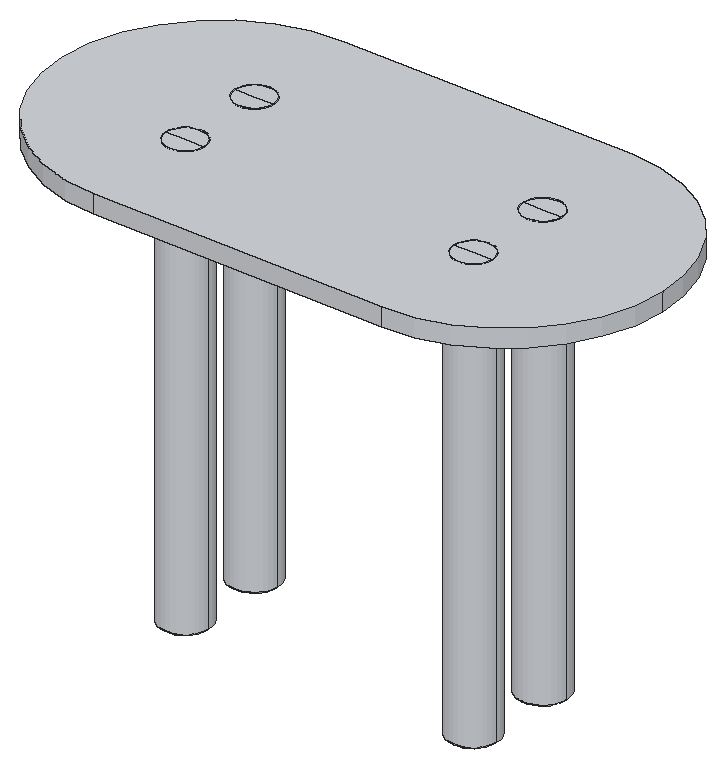
Revit family "FLEEK.HIGH.TABLE", category Furniture, Revit 2023
Family settings
  OmniClass Number = 23.40.20.00
  OmniClass Title = General Furniture and Specialties
  Work Plane-Based = No
  Enable Cutting in Views = No
  Always vertical = Yes
  Cut with Voids When Loaded = No
  Render Appearance Source = Family Geometry
  Shared = No
  Room Calculation Point = No
Parameters
  Default Elevation = 0 mm
Reference planes
  plane 1 "Center (Front/Back)": y = 0
  plane 2: z = 0
  plane 3 "Center (Left/Right)": x = 0
Forms (mm)
  Extrusion 1, solid
    sketch origin (0, 0, 0) x (1, 0, 0) y (0, 1, 0)
      loop
        line (-300, -325) -> (300, -325)
        arc (300, -325) -> (529.81, -229.81) -> (625, 0) r 325
        arc (625, 0) -> (529.81, 229.81) -> (300, 325) r 325
        line (300, 325) -> (-300, 325)
        arc (-300, 325) -> (-529.81, 229.81) -> (-625, 0) r 325
        arc (-625, 0) -> (-529.81, -229.81) -> (-300, -325) r 325
      loop
        circle (-298.981, 91.24) r 40
      loop
        circle (-298.985, -89.484) r 40
      loop
        circle (301.769, 91.235) r 40
      loop
        circle (301.769, -89.501) r 40
    from 863.075 to 900.075
  Revolve 2, solid
    sketch origin (-298.826, 90.639, 0.075) x (1, 0, 0) y (0, 0, 1)
      loop
        line (0, 900) -> (0, 0) -> (47, 0) -> (50, 3) -> (50, 788) -> (50, 858) -> (50, 863) -> (40, 863) -> (40, 900) -> (0, 900)
      axis (0, 900) -> (0, 0)
    angle from 0 to 360
  Revolve 3, solid
    sketch origin (-298.876, -89.387, 0.075) x (1, 0, 0) y (0, 0, 1)
      loop
        line (0, 900) -> (0, 0) -> (47, 0) -> (50, 3) -> (50, 788) -> (50, 858) -> (50, 863) -> (40, 863) -> (40, 900) -> (0, 900)
      axis (0, 900) -> (0, 0)
    angle from 0 to 360
  Revolve 4, solid
    sketch origin (301.898, 91.327, 0) x (1, 0, 0) y (0, 0, 1)
      loop
        line (0, 900) -> (0, 0) -> (47, 0) -> (50, 3) -> (50, 788) -> (50, 858) -> (50, 863) -> (40, 863) -> (40, 900) -> (0, 900)
      axis (0, 900) -> (0, 0)
    angle from 0 to 360
  Revolve 5, solid
    sketch origin (301.544, -89.488, 0) x (1, 0, 0) y (0, 0, 1)
      loop
        line (0, 900) -> (0, 0) -> (47, 0) -> (50, 3) -> (50, 788) -> (50, 858) -> (50, 863) -> (40, 863) -> (40, 900) -> (0, 900)
      axis (0, 900) -> (0, 0)
    angle from 0 to 360
  Extrusion 6, solid
    sketch origin (0, 0, -0.8) x (1, 0, 0) y (0, 0, 1)
      loop
        arc (-420, 863.875) -> (-455.8, 828.075) -> (-420, 792.275) r 35.8
        line (-420, 792.275) -> (420, 792.275)
        arc (420, 792.275) -> (455.8, 828.075) -> (420, 863.875) r 35.8
        line (420, 863.875) -> (-420, 863.875)
    from 69.997 to 102.594
  Extrusion 7, solid
    sketch origin (0, 240.917, 0) x (1, 0, 0) y (0, 0, 1)
      loop
        arc (-420, 863.075) -> (-455.4, 827.675) -> (-420, 792.275) r 35.4
        line (-420, 792.275) -> (420, 792.275)
        arc (420, 792.275) -> (455.4, 827.675) -> (420, 863.075) r 35.4
        line (420, 863.075) -> (-420, 863.075)
    from 135.456 to 165.917
  Extrusion 8, solid, not visible
    sketch origin (0, 0, 0) x (1, 0, 0) y (0, 1, 0)
      loop
        line (-300, -325) -> (300, -325)
        arc (300, -325) -> (529.81, -229.81) -> (625, 0) r 325
        arc (625, 0) -> (529.81, 229.81) -> (300, 325) r 325
        line (300, 325) -> (-300, 325)
        arc (-300, 325) -> (-529.81, 229.81) -> (-625, 0) r 325
        arc (-625, 0) -> (-529.81, -229.81) -> (-300, -325) r 325
      loop
        circle (-298.981, 91.24) r 40
      loop
        circle (-298.985, -89.484) r 40
      loop
        circle (301.769, 91.235) r 40
      loop
        circle (301.769, -89.501) r 40
    from 863.075 to 900.075
  Revolve 9, solid, not visible
    sketch origin (-298.826, 90.639, 0.075) x (1, 0, 0) y (0, 0, 1)
      loop
        line (0, 900) -> (0, 0) -> (47, 0) -> (50, 3) -> (50, 788) -> (50, 858) -> (50, 863) -> (40, 863) -> (40, 900) -> (0, 900)
      axis (0, 900) -> (0, 0)
    angle from 0 to 360
  Revolve 10, solid, not visible
    sketch origin (-298.876, -89.387, 0.075) x (1, 0, 0) y (0, 0, 1)
      loop
        line (0, 900) -> (0, 0) -> (47, 0) -> (50, 3) -> (50, 788) -> (50, 858) -> (50, 863) -> (40, 863) -> (40, 900) -> (0, 900)
      axis (0, 900) -> (0, 0)
    angle from 0 to 360
  Revolve 11, solid, not visible
    sketch origin (301.898, 91.327, 0) x (1, 0, 0) y (0, 0, 1)
      loop
        line (0, 900) -> (0, 0) -> (47, 0) -> (50, 3) -> (50, 788) -> (50, 858) -> (50, 863) -> (40, 863) -> (40, 900) -> (0, 900)
      axis (0, 900) -> (0, 0)
    angle from 0 to 360
  Revolve 12, solid, not visible
    sketch origin (301.544, -89.488, 0) x (1, 0, 0) y (0, 0, 1)
      loop
        line (0, 900) -> (0, 0) -> (47, 0) -> (50, 3) -> (50, 788) -> (50, 858) -> (50, 863) -> (40, 863) -> (40, 900) -> (0, 900)
      axis (0, 900) -> (0, 0)
    angle from 0 to 360
  Extrusion 13, solid, not visible
    sketch origin (0, 0, -0.8) x (1, 0, 0) y (0, 0, 1)
      loop
        arc (-420, 863.875) -> (-455.8, 828.075) -> (-420, 792.275) r 35.8
        line (-420, 792.275) -> (420, 792.275)
        arc (420, 792.275) -> (455.8, 828.075) -> (420, 863.875) r 35.8
        line (420, 863.875) -> (-420, 863.875)
    from 69.997 to 102.594
  Extrusion 14, solid, not visible
    sketch origin (0, 240.917, 0) x (1, 0, 0) y (0, 0, 1)
      loop
        arc (-420, 863.075) -> (-455.4, 827.675) -> (-420, 792.275) r 35.4
        line (-420, 792.275) -> (420, 792.275)
        arc (420, 792.275) -> (455.4, 827.675) -> (420, 863.075) r 35.4
        line (420, 863.075) -> (-420, 863.075)
    from 135.456 to 165.917
Dimensions and locks
  aligned and locked: level to plane 2
